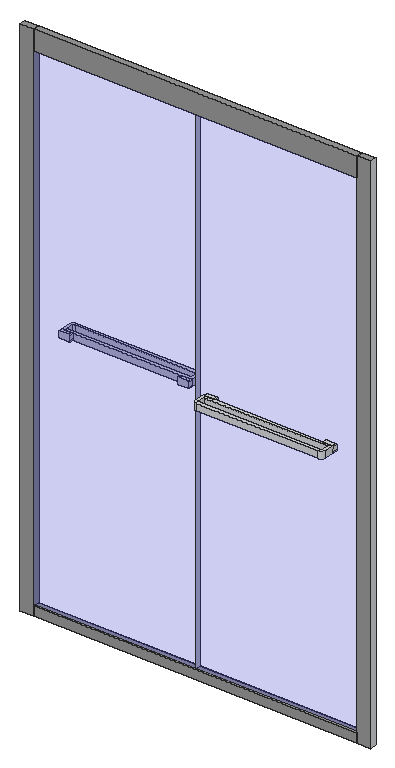
Revit family "MAMPARA ARTEMISA 1300X1950", category Generic Models, Revit 2019
Family settings
  Can host rebar = No
  Round Connector Dimension = Use Diameter
  Part Type = Normal
  Work Plane-Based = No
  Always vertical = Yes
  Cut with Voids When Loaded = No
  Shared = No
  Room Calculation Point = No
Reference planes
  plane 1 "Center (Front/Back)": y = 0
  plane 2: z = 0
  plane 3 "Center (Left/Right)": x = 0
Forms (mm)
  Extrusion 1, solid
    sketch origin (0, 0, 0) x (1, 0, 0) y (0, 0, 1)
      loop
        line (-50, 0) -> (0, 0) -> (0, 1950) -> (-50, 1950) -> (-50, 0)
      loop
        line (1250, 1950) -> (1200, 1950) -> (1200, 0) -> (1250, 0) -> (1250, 1950)
    from 0 to 22.969
  Extrusion 2, solid
    sketch origin (0, 0, 0) x (1, 0, 0) y (0, 0, 1)
      loop
        line (0, 1950) -> (0, 1876) -> (1200, 1876) -> (1200, 1950) -> (0, 1950)
      loop
        line (0, 0) -> (1200, 0) -> (1200, 35) -> (0, 35) -> (0, 0)
    from 0 to 22.969
  Extrusion 3, solid
    sketch origin (0, 0, 0) x (1, 0, 0) y (0, 0, 1)
      loop
        line (0, 1876) -> (0, 35) -> (600, 35) -> (600, 1876) -> (0, 1876)
    from 2.383 to 20.088
  Extrusion 4, solid
    sketch origin (0, 0, 0) x (1, 0, 0) y (0, 0, 1)
      loop
        line (600, 1876) -> (600, 35) -> (1200, 35) -> (1200, 1876) -> (600, 1876)
    from 2.383 to 20.088
  Extrusion 5, solid
    sketch origin (0, 0, 0) x (1, 0, 0) y (0, 0, 1)
      loop
        arc (77.5, 944.587) -> (78.379, 942.466) -> (80.5, 941.587) r 3
        line (80.5, 941.587) -> (114.5, 941.587)
        arc (114.5, 941.587) -> (116.621, 942.466) -> (117.5, 944.587) r 3
        line (117.5, 944.587) -> (117.5, 962.608)
        arc (117.5, 962.608) -> (116.621, 964.729) -> (114.5, 965.608) r 3
        line (114.5, 965.608) -> (80.5, 965.608)
        arc (80.5, 965.608) -> (78.379, 964.729) -> (77.5, 962.608) r 3
        line (77.5, 962.608) -> (77.5, 944.587)
      loop
        line (557.5, 944.587) -> (557.5, 962.608)
        arc (557.5, 962.608) -> (556.621, 964.729) -> (554.5, 965.608) r 3
        line (554.5, 965.608) -> (520.5, 965.608)
        arc (520.5, 965.608) -> (518.379, 964.729) -> (517.5, 962.608) r 3
        line (517.5, 962.608) -> (517.5, 944.587)
        arc (517.5, 944.587) -> (518.379, 942.466) -> (520.5, 941.587) r 3
        line (520.5, 941.587) -> (554.5, 941.587)
        arc (554.5, 941.587) -> (556.621, 942.466) -> (557.5, 944.587) r 3
    from -12.63 to 0
  Extrusion 6, solid
    sketch origin (0, 0, 0) x (1, 0, 0) y (0, 0, 1)
      loop
        arc (642.5, 944.587) -> (643.379, 942.466) -> (645.5, 941.587) r 3
        line (645.5, 941.587) -> (679.5, 941.587)
        arc (679.5, 941.587) -> (681.621, 942.466) -> (682.5, 944.587) r 3
        line (682.5, 944.587) -> (682.5, 962.608)
        arc (682.5, 962.608) -> (681.621, 964.729) -> (679.5, 965.608) r 3
        line (679.5, 965.608) -> (645.5, 965.608)
        arc (645.5, 965.608) -> (643.379, 964.729) -> (642.5, 962.608) r 3
        line (642.5, 962.608) -> (642.5, 944.587)
      loop
        line (1122.5, 944.587) -> (1122.5, 962.608)
        arc (1122.5, 962.608) -> (1121.621, 964.729) -> (1119.5, 965.608) r 3
        line (1119.5, 965.608) -> (1085.5, 965.608)
        arc (1085.5, 965.608) -> (1083.379, 964.729) -> (1082.5, 962.608) r 3
        line (1082.5, 962.608) -> (1082.5, 944.587)
        arc (1082.5, 944.587) -> (1083.379, 942.466) -> (1085.5, 941.587) r 3
        line (1085.5, 941.587) -> (1119.5, 941.587)
        arc (1119.5, 941.587) -> (1121.621, 942.466) -> (1122.5, 944.587) r 3
    from 22.969 to 38.075
  Extrusion 7, solid
    sketch origin (0, 0, 0) x (1, 0, 0) y (0, 1, 0)
      loop
        line (77.5, 12.63) -> (557.5, 12.63) -> (557.5, 47.63)
        arc (557.5, 47.63) -> (553.107, 58.237) -> (542.5, 62.63) r 15
        line (542.5, 62.63) -> (92.5, 62.63)
        arc (92.5, 62.63) -> (81.893, 58.237) -> (77.5, 47.63) r 15
        line (77.5, 47.63) -> (77.5, 12.63)
      loop
        line (87.5, 22.63) -> (547.5, 22.63) -> (547.5, 47.63)
        arc (547.5, 47.63) -> (546.036, 51.166) -> (542.5, 52.63) r 5
        line (542.5, 52.63) -> (92.5, 52.63)
        arc (92.5, 52.63) -> (88.964, 51.166) -> (87.5, 47.63) r 5
        line (87.5, 47.63) -> (87.5, 22.63)
      loop
        line (642.5, -38.075) -> (642.5, -73.075)
        arc (642.5, -73.075) -> (646.893, -83.681) -> (657.5, -88.075) r 15
        line (657.5, -88.075) -> (1107.5, -88.075)
        arc (1107.5, -88.075) -> (1118.107, -83.681) -> (1122.5, -73.075) r 15
        line (1122.5, -73.075) -> (1122.5, -38.075) -> (642.5, -38.075)
      loop
        line (652.5, -48.075) -> (652.5, -73.075)
        arc (652.5, -73.075) -> (653.964, -76.61) -> (657.5, -78.075) r 5
        line (657.5, -78.075) -> (1107.5, -78.075)
        arc (1107.5, -78.075) -> (1111.036, -76.61) -> (1112.5, -73.075) r 5
        line (1112.5, -73.075) -> (1112.5, -48.075) -> (652.5, -48.075)
    from 941.587 to 965.608
Dimensions and locks
  aligned and locked: level to plane 2
